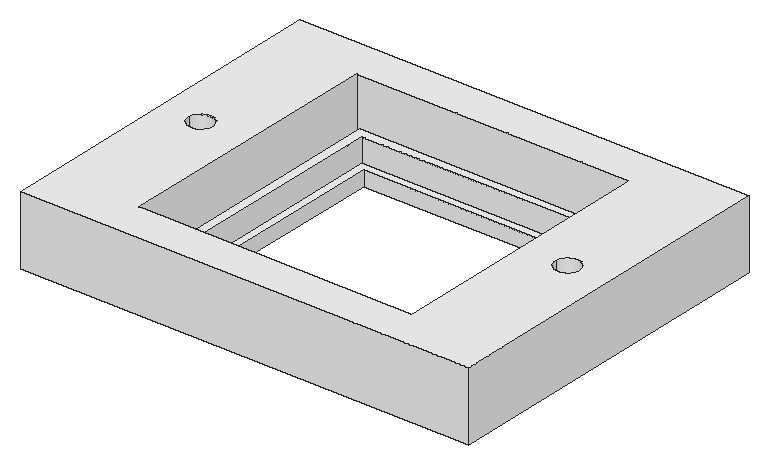
Revit family "Gira_021165", category Electrical Fixtures, host Face, Revit 2017
Family settings
  Host = Face
  Maintain Annotation Orientation = No
  Round Connector Dimension = Use Diameter
  Part Type = Normal
  Cut with Voids When Loaded = No
  Shared = No
  Room Calculation Point = No
Parameters (values of type "Cov.fr. 1-g Gira TX_44 (WP FM) c.alum.")
  With mounting grid = "No"
  With hinged lid = "No"
  URL = "http://katalog.gira.de/en/datenblatt.html?artikelnr=021165"
  Type of fastening = "Clamp mounting"
  Transparent = "No"
  Surface protection = "Lacquered"
  Suitable for wall duct = "No"
  Suitable for flush-mounted installation = "Yes"
  Suitable for floor box = "No"
  Suitable for built-in installation = "No"
  Number of units vertical = "1"
  Number of units horizontal = "1"
  Number of units = "1"
  Name = "Cov.fr. 1-g Gira TX_44 (WP FM) c.alum."
  Mounting direction = "Horizontal and vertical"
  Material quality = "Thermoplastic"
  Material = "Plastic"
  Manufacturer URL = "https://www.gira.de/"
  Manufacturer = "Gira"
  Label space/information surface = "No"
  Keynote = ""
  HeinzeBIM = "https://bimportal.heinze.de/bim/cov-fr-1-g-gira-tx-44-wp-fm-c-alum-/f7995f3a94ec2e8cb941c4f2c983b8fbe8713c30"
  Halogen free = "No"
  HAN = "021165"
  GTIN = "4010337211655"
  Description = "Cov.fr.1g TX_44 CAl,Gira TX_44 cover frame,colour aluminium,1-gang,Features:,- Shatter-proof.,,Notes :,- Frames are easy to install without tools; disassembly requires a Torx screwdriver T9 or T10.,- Wall plug mounting is possible.,- Centre inserts safeguarded against disassembly."
  Degree of protection (IP) = "IP44"
  Default Elevation = 1219.2 mm
  Data sheet (1) = "https://katalog.gira.de/en/download.html?artikelnr=021165"
  Colour = "Aluminium"
  Category = "Cover frame for domestic switching devices"
  BIM (1) = "https://media.stage.bim.site/public/gira/36a6b08/TX44_Rahmen_1fach.rfa"
  Available = "No"
Reference planes
  plane 1 "Center (Front/Back)": y = 0
  plane 2: z = 0
  plane 3 "Center (Left/Right)": x = 0
Forms (mm)
  Extrusion 1, solid, material "White", detail levels fine
    sketch origin (0, 0, 0) x (1, 0, 0) y (0, 1, 0)
      loop
        line (-54.959, 42.909) -> (-54.959, -42.909) -> (54.959, -42.909) -> (54.959, 42.909) -> (-54.959, 42.909)
      loop
        line (-33.5, -33.5) -> (33.5, -33.5) -> (33.5, 33.5) -> (-33.5, 33.5) -> (-33.5, -33.5)
      loop
        circle (-45, -0.006) r 3
      loop
        circle (44.992, 0.001) r 3
    from 0 to 16.9
  Extrusion 2, solid, material "White", detail levels fine
    sketch origin (0, 0, 0) x (1, 0, 0) y (0, 1, 0)
      loop
        line (-25.5, 25.5) -> (-25.5, -25.5) -> (25.5, -25.5) -> (25.5, 25.5) -> (-25.5, 25.5)
      loop
        line (-33.5, 33.5) -> (-33.5, -33.5) -> (33.5, -33.5) -> (33.5, 33.5) -> (-33.5, 33.5)
    from -1.6 to 2
  Extrusion 3, solid, material "White", detail levels fine
    sketch origin (0, 0, 0) x (1, 0, 0) y (0, 1, 0)
      loop
        line (-27.5, 27.5) -> (-27.5, -27.5) -> (27.5, -27.5) -> (27.5, 27.5) -> (-27.5, 27.5)
      loop
        line (-29.5, 29.5) -> (-29.5, -29.5) -> (29.5, -29.5) -> (29.5, 29.5) -> (-29.5, 29.5)
    from 2 to 7.8
  Extrusion 4, solid, material "White", detail levels coarse+medium
    sketch origin (0, 0, 0) x (1, 0, 0) y (0, 1, 0)
      loop
        line (-54.959, 42.909) -> (-54.959, -42.909) -> (54.959, -42.909) -> (54.959, 42.909) -> (-54.959, 42.909)
    from -1.6 to 16.9
Dimensions and locks
  aligned and locked: plane 2 to host face
  aligned and locked: level to host face
